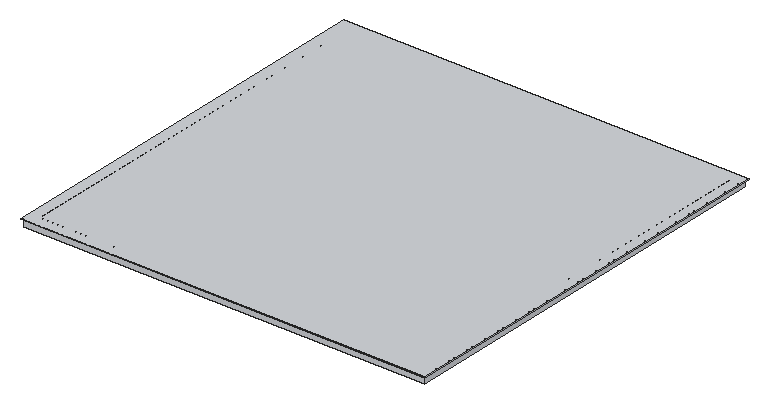
Revit family "Alcon-14029-Revit-Family", category Generic Models, host Ceiling, Revit 2025
Family settings
  Host = Ceiling
  Can host rebar = No
  Round Connector Dimension = Use Diameter
  Part Type = Normal
  Always vertical = Yes
  Cut with Voids When Loaded = No
  Maintain Annotation Orientation = No
  Shared = No
  Room Calculation Point = No
Parameters (values of type "2'x2'")
  URL = "https://www.alconlighting.com/?srsltid=AfmBOooDPhGQ0dEP-X2PMtxFfvvWpIAEL4jCll_O2F4_to5onvhnBomy"
  Product Page = "https://www.alconlighting.com/14029.html"
  Model = "14029"
  Manufacturer = "Alcon Lighting"
  Lens = none
  Length Dimension = 1' - 11 3/4"
  Default Elevation = 0' - 0"
  Body = none
Types (3): name | Length Dimension
  (no name) | 1' - 11 3/4"
  2'x2' | 1' - 11 3/4"
  2'x4' | 3' - 11 3/4"
Reference planes (in)
  plane 1 "Center (Front/Back)": y = 0
  plane 2 "Ceiling": z = 96
  plane 3 "Center (Left/Right)": x = 0
Forms (in)
  Extrusion 1, solid, material <- "Body"
    sketch origin (0, 0, 96) x (1, 0, 0) y (0, 1, 0)
      loop
        line (0.125, -11.875) -> (23.875, -11.875) -> (23.875, 11.875) -> (0.125, 11.875) -> (0.125, -11.875)
    from 0 to 0.04
  Extrusion 2, solid, material <- "Lens"
    sketch origin (0, 0, 96) x (0, 1, 0) y (1, 0, 0)
      loop
        line (11.25, 23.25) -> (-11.25, 23.25) -> (-11.25, 0.75) -> (11.25, 0.75) -> (11.25, 23.25)
      loop
        line (-11.75, 23.75) -> (-11.75, 0.25) -> (11.75, 0.25) -> (11.75, 23.75) -> (-11.75, 23.75)
    from 0 to 0.39844
  Extrusion 3, solid, material <- "Body"
    sketch origin (0, 0, 96) x (0, 1, 0) y (1, 0, 0)
      loop
        line (11.25, 23.25) -> (-11.25, 23.25) -> (-11.25, 0.75) -> (11.25, 0.75) -> (11.25, 23.25)
    from 0 to 0.39844
Dimensions and locks (in)
  equal spacing: host sketch curve, plane 3 "Center (Left/Right)", host sketch curve
  equal spacing: host sketch curve, plane 1 "Center (Front/Back)", host sketch curve
  host sketch curve to host sketch curve = 10' - 0"  (x2)
  "Length Dimension": Extrusion 1 to Extrusion 1
Automatic sketch dimensions
  Extrusion 1 to Extrusion 2 sketch curve = 0' - 0 1/8"  (x4)
  Extrusion 1 to Extrusion 2 sketch curve = 0' - 0 5/8"  (x4)
  Extrusion 1 to Extrusion 3 sketch curve = 0' - 0 5/8"  (x4)
  Extrusion 1 sketch curve to plane 1 "Center (Front/Back)" = 0' - 11 7/8"
  plane 3 "Center (Left/Right)" to Extrusion 1 sketch curve = 0' - 0 1/8"
  plane 3 "Center (Left/Right)" to Extrusion 1 sketch curve = 1' - 11 7/8"
  plane 1 "Center (Front/Back)" to Extrusion 1 sketch curve = 0' - 11 7/8"
